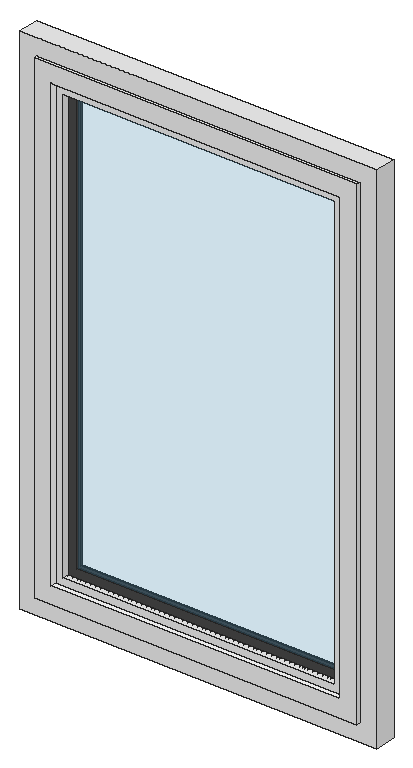
Revit family "Window_System_Solutions-NanaWall-SL-68_Tilt_Turn_Window", category Windows, host Wall, Revit 2013
Parameters (values of type "Tilt Turn Open")
  Width = 36"
  Warranty URL = "http://www.nanawall.com/support/warranty"
  URL = "http://www.nanawall.com"
  Subcategory = "Window"  # constant formula
  Sash = Metal - NanaWall - Aluminum
  Rough Width = Width - 1 25/64"  # 34 39/64"
  Rough Height = Height - 1 25/64"  # 52 39/64"
  Product Page URL = "http://www.nanawall.com/products/sl60/matching-windows"
  Product Documentation Link = "http://www.nanawall.com/cad/configuration/details?id=22&name=SL68&typ=match&cid=455&key=Tilt%20Turn%20Window"
  NanaWall Configurator = "http://www.nanawall.com/content/select-wizard"
  Model = "SL-68 Tilt Turn Window"  # constant formula
  Material = ""
  Manufacturer Toll Free Phone = "(888) 411-NANA(6262)"  # constant formula
  Manufacturer Phone = "(415) 383-3148"  # constant formula
  Manufacturer Fax = "(415) 383-0312"  # constant formula
  Manufacturer Email = "mailto:info@nanawall.com"
  Manufacturer Address = "100 Meadowcreek Drive #250, Corte Madera, CA 94925"  # constant formula
  Manufacturer = "NanaWall Systems, Inc."  # constant formula
  Installation and Service URL = "http://www.nanawall.com/support/installer"
  Height = 54"
  Glazing Options = "http://www.nanawall.com/products/sl48/glazing"
  Glass Material = Glass - NanaWall - Generic
  Filler = Rubber - NanaWall - Black
  Exterior Wall Offset = 3"
  Disclaimer = "Please note that the Revit model is for schematic purposes only.  To obtain a detailed 3D model, please go to the NanaWall's configurator at www.nanawall.com."  # constant formula
  Description = "Monumental Aluminum Framed Matching Windows and Doors"  # constant formula
  Wall Closure = By host
  Default Sill Height = 30"
  Assembly Code = ""
  95 CSI = "8411"  # constant formula
  04 CSI = "08 52 00"  # constant formula
Reference planes (in)
  plane 1 "Center (Front/Back)": y = 0
  plane 2: z = 0
  plane 3 "Center (Left/Right)": x = 0
  plane 4 "Left": x = -18
  plane 5 "Right": x = 18
  plane 6 "Sill": z = 30
  plane 7 "Top": z = 84
  plane 8: y = 1.125
  plane 9: y = 2
  plane 10: x = -15.63346
  plane 11: x = 15.63346
  plane 12: x = -19.88136
  plane 13: x = 19.88136
  plane 14: z = 85.88136
  plane 15: z = 28.11864
Forms (in)
  Sweep 1, solid, material "Metal - NanaWall - Aluminum" <- "Sash"
    path origin (18, 2, 48) x (1, 0, 0) y (0, 0, 1)
      loop
        line (-36, 36) -> (-36, -18) -> (0, -18) -> (0, 36) -> (-36, 36)
    profile "Frame : Frame" origin (0, 2, 84) x (0, 0, 1) y (0, -1, 0)
      loop
        line (1.88136, -1.15625) -> (1.88136, 1.15625) -> (0, 1.15625) -> (0, 1.5482) -> (-1.88136, 1.5482) -> (-2.09315, 1.15625) -> (-2.82203, 1.15625) -> (-2.82203, 0.37235) -> (-2.48128, 0.37235) -> (-2.48128, 0.52913) -> (-2.7554, 0.52913) -> (-2.7554, 1.07786) -> (-2.10333, 1.07786) -> (-2.01933, 0.61781) -> (-2.11654, 0.59176) -> (-2.11654, -0.96028) -> (-2.82203, -0.96028) -> (-2.82203, -1.15625) -> (-1.27383, -1.15625) -> (-1.27383, -0.8035) -> (-1.05826, -0.8035) -> (-1.05826, 0.29396) -> (-0.68591, 0.29396) -> (-0.68591, 1.39142) -> (-0.23517, 1.39142) -> (-0.23517, -0.96028) -> (-0.94068, -0.96028) -> (-0.94068, -1.15625) -> (1.88136, -1.15625)
  Extrusion 2, void
    sketch origin (0, 0, 0) x (1, 0, 0) y (0, 0, 1)
      loop
        line (-19.88136, 85.88136) -> (-19.88136, 28.11864) -> (19.88136, 28.11864) -> (19.88136, 85.88136) -> (-19.88136, 85.88136)
    from -5 to 5
  Sweep 3, solid, material "Rubber - NanaWall - Black" <- "Filler"
    path origin (18, 2, 48) x (1, 0, 0) y (0, 0, 1)
      loop
        line (-36, 36) -> (-36, -18) -> (0, -18) -> (0, 36) -> (-36, 36)
    profile origin (0, 2, 84) x (0, 0, 1) y (0, -1, 0)
      loop
        line (-2.11654, -0.75347) -> (-2.11654, 0.05903) -> (-3.49154, 0.05903) -> (-3.49154, -0.09722) -> (-2.36654, -0.09722) -> (-2.36654, -0.59722) -> (-3.49154, -0.59722) -> (-3.49154, -0.75347) -> (-2.11654, -0.75347)
  Extrusion 4, solid, material "Glass - NanaWall - Generic" <- "Glass Material"
    sketch origin (-18, 0, 0) x (0, -1, 0) y (0, 0, 1)
      loop
        line (-2.59722, 81.63346) -> (-2.59722, 32.36654) -> (-2.09722, 32.36654) -> (-2.09722, 81.63346) -> (-2.59722, 81.63346)
    from -33.63346 to -2.36654
Lines and regions (in)
  Masking region 1
    outline origin (0, 0, 0) x (1, 0, 0) y (0, 1, 0)
      loop
        line (-19.88136, 3.15625) -> (-19.88136, 0.84375) -> (-18, 0.84375) -> (-18, 0.4518) -> (18, 0.4518) -> (18, 0.84375) -> (19.88136, 0.84375) -> (19.88136, 3.15625) -> (-19.88136, 3.15625)
  Masking region 2
    outline origin (0, 0, 0) x (1, 0, 0) y (0, 1, 0)
      loop
        line (-15.88346, 2.75347) -> (-15.88346, 1.94097) -> (15.88346, 1.94097) -> (15.88346, 2.75347) -> (-15.88346, 2.75347)
  Masking region 3, detail levels medium+fine
    outline origin (0, 0, 0) x (1, 0, 0) y (0, 1, 0)
      loop
        line (-15.63346, 2.59722) -> (-15.63346, 2.09722) -> (15.63346, 2.09722) -> (15.63346, 2.59722) -> (-15.63346, 2.59722)
  symbolic lines, detail levels coarse+medium
    curve 1: line (-15.88346, 0.4518, 0) -> (-15.88346, 3.15625, 0)
    curve 2: line (15.88346, 0.4518, 0) -> (15.88346, 3.15625, 0)
  symbolic lines, detail levels fine
    curve 3: line (-15.17797, 0.84375, 0) -> (15.17797, 0.84375, 0)
Text (in)
  text "EXTERIOR" at (-58.6888, 50.90694, 0), in view "Ref. Level"
  text "INTERIOR" at (-58.6888, -37.76638, 0), in view "Ref. Level"
  text "Exterior" at (0, 43.65631, 123.19604), in view "Left"
  text "Exterior" at (0, 18.29385, 125.04747), in view "Right"
Dimensions and locks (in)
  equal spacing: plane 4 "Left", plane 3 "Center (Left/Right)", plane 5 "Right"
  "Width": plane 4 "Left" to plane 5 "Right"
  "Height": plane 6 "Sill" to plane 7 "Top"
  "Default Sill Height": plane 2 to plane 6 "Sill"
  locked: plane 8 to plane 9 at 0.875
  "Exterior Wall Offset": plane 9 to host wall
  Sweep 3 sketch curve to Sweep 3 sketch curve to Sweep 3 sketch curve to Sweep 3 sketch curve to plane 7 "Top" = 0" locked, 1 1/8" locked, 1/4" locked, 2.11654" locked
  Sweep 3 sketch curve to Sweep 3 sketch curve to Sweep 3 sketch curve to nested 3 to Sweep 3 sketch curve = 5/32" locked, 1/2" locked, 0.09722" locked, 0.05903" locked
  locked: plane 6 "Sill" to Extrusion 4 sketch curve at 2.36654
  locked: Extrusion 4 sketch curve to plane 7 "Top" at 2.36654
  Extrusion 4 sketch curve to Extrusion 4 sketch curve to plane 9 = 1/2" locked, 0.09722" locked
  locked: plane 11 to plane 5 "Right" at 2.36654
  locked: plane 4 "Left" to plane 10 at 2.36654
  locked: plane 11 to Masking region 2 sketch curve at 0.25
  locked: Masking region 2 sketch curve to plane 10 at 0.25
  Masking region 2 sketch curve to plane 9 to Masking region 2 sketch curve = 0.05903" locked, 0.75347" locked
  plane 9 to Masking region 3 sketch curve to Masking region 3 sketch curve = 0.09722" locked, 1/2" locked
  locked: plane 5 "Right" to Masking region 1 sketch curve at 1.88136
  Masking region 1 sketch curve to Masking region 1 sketch curve to plane 9 to Masking region 1 sketch curve = 0.39195" locked, 1 5/32" locked, 1 5/32" locked
  locked: Masking region 1 sketch curve to plane 9 at 1.15625
  locked: Masking region 1 sketch curve to plane 4 "Left" at 1.88136
  locked: plane 12 to plane 4 "Left" at 1.88136
  locked: plane 5 "Right" to plane 13 at 1.88136
  locked: plane 7 "Top" to plane 14 at 1.88136
  locked: plane 15 to plane 6 "Sill" at 1.88136
  aligned and locked: level to plane 2
  aligned and locked: plane 7 "Top" to Sweep 1 sketch curve
  aligned and locked: plane 5 "Right" to Sweep 1 sketch curve
  aligned and locked: Sweep 1 sketch curve to plane 4 "Left"
  aligned and locked: Sweep 1 sketch curve to plane 6 "Sill"
  aligned and locked: host wall to Extrusion 2  (x2)
  aligned and locked: plane 7 "Top" to Sweep 3 sketch curve
  aligned and locked: Sweep 3 sketch curve to plane 4 "Left"
  aligned and locked: plane 10 to Extrusion 4
  aligned and locked: plane 11 to Extrusion 4
  aligned and locked: plane 7 "Top" to nested 3
  aligned and locked: nested 2 to plane 9
  aligned and locked: plane 4 "Left" to nested 2
  aligned and locked: plane 5 "Right" to nested 1
  aligned and locked: plane 9 to nested 1
  aligned and locked: plane 9 to nested 3
  aligned and locked: nested 4 to plane 9
  aligned and locked: plane 6 "Sill" to nested 4
  aligned and locked: Sweep 3 to plane 10
  aligned and locked: Sweep 3 to plane 11
  aligned and locked: Masking region 1 sketch curve to plane 5 "Right"
  aligned and locked: plane 4 "Left" to Masking region 1 sketch curve
  aligned and locked: Masking region 3 sketch curve to Sweep 3  (x2)
  aligned and locked: Sweep 1 to curve 1
  aligned and locked: Sweep 1 to curve 2
  aligned and locked: plane 5 "Right" to Sweep 3 sketch curve
  aligned and locked: Sweep 3 sketch curve to plane 6 "Sill"
  aligned and locked: plane 14 to Extrusion 2 sketch curve
  aligned and locked: plane 12 to Extrusion 2 sketch curve
  aligned and locked: Extrusion 2 sketch curve to plane 15
  aligned and locked: Extrusion 2 sketch curve to plane 13
Automatic sketch dimensions
  plane 10 to curve 1 = 1/4"
  curve 3 to plane 10 = 0.45549"
  curve 3 to plane 11 = 0.45549"
  plane 11 to curve 2 = 1/4"
  plane 8 to curve 3 = 9/32"
  curve 2 to plane 9 = 1 5/32"
  curve 1 to plane 9 = 1 5/32"
Nested families (in)
  nested 1: "SL 68 Tilt Turn Detail" at (18, 2, 0) x (0, -1, 0) z (0, 0, 1), type "SL 68 Tilt Turn Detail", detail levels fine
  nested 2: "SL 68 Tilt Turn Detail" at (-18, 2, 0) x (0, -1, 0) z (0, 0, 1), type "SL 68 Tilt Turn Detail", detail levels fine
  nested 3: "SL 68 Tilt Turn Detail" at (-18, 2, 84) x (0, -1, 0) z (-1, 0, 0), type "SL 68 Tilt Turn Detail", detail levels fine
  nested 4: "SL 68 Tilt Turn Detail" at (-18, 2, 30) x (0, -1, 0) z (-1, 0, 0), type "SL 68 Tilt Turn Detail", detail levels fine
Definition of nested family "SL 68 Tilt Turn Detail"
  Reference planes (in)
    plane 1 "Center (Front/Back)": y = 0
    plane 2: z = 0
    plane 3 "Center (Left/Right)": x = 0
  Lines and regions (in)
    detail lines, in view "Ref. Level"
      curve 1: line (-1.15625, 1.88136, 0) -> (-1.01522, 1.88136, 0)
      curve 2: line (-0.99947, 1.82256, 0) -> (-1.07786, 1.82256, 0)
      curve 3: line (-1.01522, 1.88136, 0) -> (-0.99947, 1.82256, 0)
      curve 4: line (-1.07786, 1.82256, 0) -> (-1.07786, 1.68538, 0)
      curve 5: line (-1.07786, 1.68538, 0) -> (-0.52913, 1.68538, 0)
      curve 6: line (-0.52913, 1.68538, 0) -> (-0.52913, 1.82256, 0)
      curve 7: line (-0.52913, 1.82256, 0) -> (-0.60752, 1.82256, 0)
      curve 8: line (-0.60752, 1.82256, 0) -> (-0.59177, 1.88136, 0)
      curve 9: line (-0.59177, 1.88136, 0) -> (-0.48994, 1.88136, 0)
      curve 10: arc (-0.48994, 1.88136, 0) -> (-0.47241, 1.87052, 0) -> (-0.47426, 1.85, 0) r 0.0196
      curve 11: line (-0.47426, 1.85, 0) -> (0.47426, 1.85, 0)
      curve 12: arc (0.47034, 1.86176, 0) -> (0.47608, 1.87562, 0) -> (0.48994, 1.88136, 0) r 0.0196
      curve 13: arc (0.47426, 1.85, 0) -> (0.47241, 1.87052, 0) -> (0.48994, 1.88136, 0) r 0.0196
      curve 14: line (0.48994, 1.88136, 0) -> (0.59177, 1.88136, 0)
      curve 15: line (0.59177, 1.88136, 0) -> (0.60752, 1.82256, 0)
      curve 16: line (0.60752, 1.82256, 0) -> (0.52913, 1.82256, 0)
      curve 17: line (0.52913, 1.82256, 0) -> (0.52913, 1.68538, 0)
      curve 18: line (0.52913, 1.68538, 0) -> (1.07786, 1.68538, 0)
      curve 19: line (1.07786, 1.68538, 0) -> (1.07786, 1.82256, 0)
      curve 20: line (1.07786, 1.82256, 0) -> (0.99947, 1.82256, 0)
      curve 21: line (0.99947, 1.82256, 0) -> (1.01522, 1.88136, 0)
      curve 22: line (1.01522, 1.88136, 0) -> (1.15625, 1.88136, 0)
      curve 23: line (1.15625, 1.88136, 0) -> (1.15625, -0.23517, 0)
      curve 24: line (1.15625, -0.23517, 0) -> (1.01522, -0.23517, 0)
      curve 25: line (1.01522, -0.23517, 0) -> (0.99947, -0.17638, 0)
      curve 26: line (0.99947, -0.17638, 0) -> (1.07786, -0.17638, 0)
      curve 27: line (1.07786, -0.17638, 0) -> (1.07786, -0.03919, 0)
      curve 28: line (1.07786, -0.03919, 0) -> (0.52913, -0.03919, 0)
      curve 29: line (0.52913, -0.03919, 0) -> (0.52913, -0.17638, 0)
      curve 30: line (0.52913, -0.17638, 0) -> (0.60752, -0.17638, 0)
      curve 31: line (0.60752, -0.17638, 0) -> (0.59177, -0.23517, 0)
      curve 32: line (0.59177, -0.23517, 0) -> (0.29396, -0.23517, 0)
      curve 33: line (0.29396, -0.23517, 0) -> (0.29396, -0.03919, 0)
      curve 34: line (0.29396, -0.03919, 0) -> (0.0294, -0.03919, 0)
      curve 35: line (0.0294, -0.03919, 0) -> (0.0294, -0.23811, 0)
      curve 36: line (0.0294, -0.23811, 0) -> (-0.08819, -0.23811, 0)
      curve 37: line (-0.08819, -0.23811, 0) -> (-0.08819, -0.17932, 0)
      curve 38: line (-0.08819, -0.17932, 0) -> (-0.0294, -0.17932, 0)
      curve 39: line (-0.0294, -0.17932, 0) -> (-0.0294, -0.04213, 0)
      curve 40: line (-0.0294, -0.04213, 0) -> (-0.32336, -0.04213, 0)
      curve 41: line (-0.32336, -0.04213, 0) -> (-0.32336, -0.17932, 0)
      curve 42: line (-0.32336, -0.17932, 0) -> (-0.26457, -0.17932, 0)
      curve 43: line (-0.26457, -0.17932, 0) -> (-0.26457, -0.23811, 0)
      curve 44: line (-0.26457, -0.23811, 0) -> (-0.38215, -0.23811, 0)
      curve 45: line (-0.38215, -0.23811, 0) -> (-0.38215, -0.03919, 0)
      curve 46: line (-0.38215, -0.03919, 0) -> (-0.72511, -0.03919, 0)
      curve 47: line (-0.72511, -0.03919, 0) -> (-0.72511, 0.19989, 0)
      curve 48: line (-0.72511, 0.19989, 0) -> (-1.07786, 0.19989, 0)
      curve 49: line (-1.07786, 0.19989, 0) -> (-1.07786, -0.15678, 0)
      curve 50: line (-1.07786, -0.15678, 0) -> (-0.97987, -0.17638, 0)
      curve 51: line (-0.97987, -0.17638, 0) -> (-0.86229, -0.17638, 0)
      curve 52: line (-0.86229, -0.17638, 0) -> (-0.86229, -0.23517, 0)
      curve 53: line (-1.07786, -0.23517, 0) -> (-1.07786, -0.58008, 0)
      curve 54: line (-0.86229, -0.23517, 0) -> (-1.07786, -0.23517, 0)
      curve 55: line (-1.15625, -0.94068, 0) -> (-1.15625, 1.88136, 0)
      curve 56: line (-1.07786, -0.58008, 0) -> (-0.99163, -0.58008, 0)
      curve 57: line (-0.99163, -0.58008, 0) -> (-0.99163, -0.50169, 0)
      curve 58: line (-0.99163, -0.50169, 0) -> (-0.96028, -0.50169, 0)
      curve 59: line (-0.96028, -0.50169, 0) -> (-0.96028, -0.68591, 0)
      curve 60: line (-0.99947, -0.68591, 0) -> (-0.99947, -0.63888, 0)
      curve 61: line (-0.96028, -0.68591, 0) -> (-0.99947, -0.68591, 0)
      curve 62: line (-0.99947, -0.63888, 0) -> (-1.07786, -0.63888, 0)
      curve 63: line (-1.07786, -0.63888, 0) -> (-1.07786, -0.88972, 0)
      curve 64: line (-1.07786, -0.88972, 0) -> (-0.99947, -0.88972, 0)
      curve 65: line (-0.99947, -0.88972, 0) -> (-0.99947, -0.84269, 0)
      curve 66: line (-0.99947, -0.84269, 0) -> (-0.96028, -0.84269, 0)
      curve 67: line (-0.96028, -0.84269, 0) -> (-0.96028, -0.94068, 0)
      curve 68: line (-0.96028, -0.94068, 0) -> (-1.15625, -0.94068, 0)
      curve 69: line (-0.72511, 0.27044, 0) -> (-0.72511, 1.14953, 0)
      curve 70: line (-0.72511, 1.14953, 0) -> (-0.54873, 1.3259, 0)
      curve 71: line (-0.54873, 1.3259, 0) -> (-0.54873, 1.61483, 0)
      curve 72: line (-1.07786, 1.61483, 0) -> (-1.07786, 0.27044, 0)
      curve 73: line (-0.54873, 1.61483, 0) -> (-1.07786, 1.61483, 0)
      curve 74: line (-1.07786, 0.27044, 0) -> (-0.72511, 0.27044, 0)
      curve 75: line (1.07786, 1.61483, 0) -> (0.54873, 1.61483, 0)
      curve 76: line (0.54873, 1.61483, 0) -> (0.54873, 0.99836, 0)
      curve 77: line (0.54873, 0.99836, 0) -> (0.58008, 0.99836, 0)
      curve 78: line (0.58008, 0.99836, 0) -> (0.58008, 0.90037, 0)
      curve 79: line (0.58008, 0.90037, 0) -> (0.37235, 0.69264, 0)
      curve 80: line (0.37235, 0.69264, 0) -> (0.37235, -0.16462, 0)
      curve 81: line (0.45858, 0.03136, 0) -> (1.07786, 0.03136, 0)
      curve 82: line (0.45858, -0.16462, 0) -> (0.45858, 0.03136, 0)
      curve 83: line (0.37235, -0.16462, 0) -> (0.45858, -0.16462, 0)
      curve 84: line (1.07786, 0.03136, 0) -> (1.07786, 1.61483, 0)
      curve 85: line (0.47034, 0.90148, 0) -> (0.47034, 1.49898, 0)
      curve 86: line (0.47034, 1.49898, 0) -> (0.35393, 1.56619, 0)
      curve 87: line (0.35393, 1.56619, 0) -> (0.22911, 1.78239, 0)
      curve 88: line (0.22911, 1.78239, 0) -> (-0.22911, 1.78239, 0)
      curve 89: line (-0.22911, 1.78239, 0) -> (-0.35393, 1.56619, 0)
      curve 90: line (-0.35393, 1.56619, 0) -> (-0.47034, 1.49898, 0)
      curve 91: line (-0.47034, 1.49898, 0) -> (-0.47034, 1.29343, 0)
      curve 92: line (-0.47034, 1.29343, 0) -> (-0.64672, 1.11706, 0)
      curve 93: line (-0.64672, 1.11706, 0) -> (-0.64672, 0.31183, 0)
      curve 94: line (-0.64672, 0.31183, 0) -> (-0.53031, 0.24462, 0)
      curve 95: line (-0.53031, 0.24462, 0) -> (-0.40548, 0.02842, 0)
      curve 96: line (-0.40548, 0.02842, 0) -> (-0.23125, 0.02842, 0)
      curve 97: line (-0.1215, 0.02842, 0) -> (0.05273, 0.02842, 0)
      curve 98: line (0.05273, 0.02842, 0) -> (0.17755, 0.24462, 0)
      curve 99: line (0.17755, 0.24462, 0) -> (0.29396, 0.31183, 0)
      curve 100: line (0.29396, 0.31183, 0) -> (0.29396, 0.72511, 0)
      curve 101: line (0.29396, 0.72511, 0) -> (0.47034, 0.90148, 0)
      curve 102: line (-0.1215, 0.1264, 0) -> (-0.1215, 0.02842, 0)
      curve 103: line (-0.23125, 0.02842, 0) -> (-0.23125, 0.1264, 0)
      curve 104: line (-0.23125, 0.1264, 0) -> (-0.1215, 0.1264, 0)
      curve 105: line (1.5482, 0, 0) -> (1.39142, 0, 0)
      curve 106: line (1.39142, 0, 0) -> (1.39142, -0.08623, 0)
      curve 107: line (1.39142, -0.08623, 0) -> (1.43061, -0.08623, 0)
      curve 108: line (1.43061, -0.08623, 0) -> (1.43061, -0.04703, 0)
      curve 109: line (1.43061, -0.04703, 0) -> (1.48941, -0.04703, 0)
      curve 110: line (1.48941, -0.04703, 0) -> (1.48941, -0.25477, 0)
      curve 111: line (1.5482, -1.88136, 0) -> (1.5482, 0, 0)
      curve 112: line (1.39142, -0.29396, 0) -> (1.47765, -0.29396, 0)
      curve 113: line (1.48941, -0.25477, 0) -> (1.43061, -0.25477, 0)
      curve 114: line (1.43061, -0.25477, 0) -> (1.43061, -0.20773, 0)
      curve 115: line (1.43061, -0.20773, 0) -> (1.39142, -0.20773, 0)
      curve 116: line (1.39142, -0.20773, 0) -> (1.39142, -0.29396, 0)
      curve 117: line (1.47765, -0.29396, 0) -> (1.47765, -0.86229, 0)
      curve 118: line (1.47765, -0.86229, 0) -> (1.2268, -0.86229, 0)
      curve 119: line (1.2268, -0.86229, 0) -> (1.2268, -0.68591, 0)
      curve 120: line (1.2268, -0.68591, 0) -> (1.05826, -0.68591, 0)
      curve 121: line (1.05826, -0.68591, 0) -> (1.05826, -0.7447, 0)
      curve 122: line (1.05826, -0.7447, 0) -> (1.15625, -0.7447, 0)
      curve 123: line (1.15625, -0.7447, 0) -> (1.15625, -0.86229, 0)
      curve 124: line (1.15625, -0.86229, 0) -> (0.37235, -0.86229, 0)
      curve 125: line (0.37235, -0.86229, 0) -> (0.37235, -0.7447, 0)
      curve 126: line (0.37235, -0.7447, 0) -> (0.47034, -0.7447, 0)
      curve 127: line (0.47034, -0.7447, 0) -> (0.47034, -0.68591, 0)
      curve 128: line (0.47034, -0.68591, 0) -> (0.29396, -0.68591, 0)
      curve 129: line (0.29396, -1.05826, 0) -> (0.29396, -0.68591, 0)
      curve 130: line (-0.341, -1.05826, 0) -> (0.29396, -1.05826, 0)
      curve 131: line (-0.341, -1.05826, 0) -> (-0.341, -0.78488, 0)
      curve 132: arc (-0.341, -0.78488, 0) -> (-0.37627, -0.7496, 0) -> (-0.41155, -0.78488, 0) r 0.03528
      curve 133: line (-0.41155, -0.78488, 0) -> (-0.41155, -1.05826, 0)
      curve 134: line (0.05273, -1.13371, 0) -> (0.17076, -1.33816, 0)
      curve 135: line (-0.46124, -1.13371, 0) -> (0.05273, -1.13371, 0)
      curve 136: line (0.29396, -1.40928, 0) -> (0.17076, -1.33816, 0)
      curve 137: line (0.29396, -1.6697, 0) -> (0.29396, -1.40928, 0)
      curve 138: line (0.45074, -1.6697, 0) -> (0.29396, -1.6697, 0)
      curve 139: line (0.45074, -1.7655, 0) -> (0.45074, -1.6697, 0)
      curve 140: line (0.33433, -1.83271, 0) -> (0.45074, -1.7655, 0)
      curve 141: line (0.20951, -2.04891, 0) -> (0.33433, -1.83271, 0)
      curve 142: line (-0.32709, -2.04891, 0) -> (0.20951, -2.04891, 0)
      curve 143: line (-0.45192, -1.83271, 0) -> (-0.32709, -2.04891, 0)
      curve 144: line (-0.45192, -1.83271, 0) -> (-0.56833, -1.7655, 0)
      curve 145: line (-0.56833, -1.7655, 0) -> (-0.56833, -1.64619, 0)
      curve 146: line (-0.56833, -1.64619, 0) -> (-0.72511, -1.64619, 0)
      curve 147: line (-0.72511, -1.64619, 0) -> (-0.72511, -1.40928, 0)
      curve 148: line (-0.72511, -1.40928, 0) -> (-0.62712, -1.35271, 0)
      curve 149: line (-0.8035, -1.05826, 0) -> (-0.8035, -1.39534, 0)
      curve 150: line (-0.8035, -1.39534, 0) -> (-1.11706, -1.39534, 0)
      curve 151: line (-1.11706, -1.39534, 0) -> (-1.11706, -1.27383, 0)
      curve 152: line (-1.11706, -1.27383, 0) -> (-1.15625, -1.27383, 0)
      curve 153: line (-1.15625, -1.27383, 0) -> (-1.15625, -2.82203, 0)
      curve 154: line (-1.15625, -2.82203, 0) -> (-0.96028, -2.82203, 0)
      curve 155: line (-0.96028, -2.82203, 0) -> (-0.96028, -2.72405, 0)
      curve 156: line (-0.96028, -2.72405, 0) -> (-0.99947, -2.72405, 0)
      curve 157: line (-0.99947, -2.72405, 0) -> (-0.99947, -2.77108, 0)
      curve 158: line (-0.99947, -2.77108, 0) -> (-1.07786, -2.77108, 0)
      curve 159: line (-1.07786, -2.77108, 0) -> (-1.07786, -2.52023, 0)
      curve 160: line (-1.07786, -2.52023, 0) -> (-0.99947, -2.52023, 0)
      curve 161: line (-0.99947, -2.52023, 0) -> (-0.99947, -2.56727, 0)
      curve 162: line (-0.99947, -2.56727, 0) -> (-0.96028, -2.56727, 0)
      curve 163: line (-0.96028, -2.56727, 0) -> (-0.96028, -2.38305, 0)
      curve 164: line (-0.96028, -2.38305, 0) -> (-0.99163, -2.38305, 0)
      curve 165: line (-0.99163, -2.38305, 0) -> (-0.99163, -2.46144, 0)
      curve 166: line (-0.99163, -2.46144, 0) -> (-1.07786, -2.46144, 0)
      curve 167: line (-1.07786, -2.46144, 0) -> (-1.07786, -2.11653, 0)
      curve 168: line (-1.07786, -2.11653, 0) -> (-0.86229, -2.11653, 0)
      curve 169: line (-0.86229, -2.11653, 0) -> (-0.86229, -2.05773, 0)
      curve 170: line (-0.86229, -2.05773, 0) -> (-0.97987, -2.05773, 0)
      curve 171: line (-0.97987, -2.05773, 0) -> (-1.07786, -2.03814, 0)
      curve 172: line (-1.07786, -2.03814, 0) -> (-1.07786, -1.94015, 0)
      curve 173: line (-1.07786, -1.94015, 0) -> (-0.77487, -1.94015, 0)
      curve 174: line (-0.64672, -1.94015, 0) -> (-0.64672, -2.11654, 0)
      curve 175: line (-0.64672, -1.8696, 0) -> (-1.07786, -1.8696, 0)
      curve 176: line (-0.64672, -1.72458, 0) -> (-0.64672, -1.8696, 0)
      curve 177: line (-0.8035, -1.72458, 0) -> (-0.64672, -1.72458, 0)
      curve 178: line (-0.8035, -1.46589, 0) -> (-0.8035, -1.72458, 0)
      curve 179: line (-1.07786, -1.46589, 0) -> (-0.8035, -1.46589, 0)
      curve 180: line (-1.07786, -1.8696, 0) -> (-1.07786, -1.46589, 0)
      curve 181: line (-1.07786, -1.94015, 0) -> (-0.64672, -1.94015, 0)
      curve 182: line (0.59176, -2.11654, 0) -> (-0.64672, -2.11654, 0)
      curve 183: line (1.14841, -1.85, 0) -> (0.52913, -1.85, 0)
      curve 184: line (0.52913, -1.85, 0) -> (0.52913, -1.59131, 0)
      curve 185: line (0.52913, -1.59131, 0) -> (0.37235, -1.59131, 0)
      curve 186: line (0.37235, -1.59131, 0) -> (0.37235, -0.93284, 0)
      curve 187: line (0.37235, -0.93284, 0) -> (1.46981, -0.93284, 0)
      curve 188: line (1.46981, -0.93284, 0) -> (1.46981, -1.49333, 0)
      curve 189: line (1.42669, -1.49333, 0) -> (1.42669, -1.59131, 0)
      curve 190: line (1.46981, -1.49333, 0) -> (1.42669, -1.49333, 0)
      curve 191: line (1.42669, -1.59131, 0) -> (1.30911, -1.59131, 0)
      curve 192: line (1.3679, -1.65011, 0) -> (1.46981, -1.65011, 0)
      curve 193: line (1.46981, -1.65011, 0) -> (1.46981, -1.83461, 0)
      curve 194: line (1.46981, -1.83461, 0) -> (1.14841, -2.00829, 0)
      curve 195: line (1.14841, -2.00829, 0) -> (1.14841, -1.85, 0)
      curve 196: line (1.07786, -1.92055, 0) -> (1.07786, -2.04755, 0)
      curve 197: line (0.52913, -1.92055, 0) -> (1.07786, -1.92055, 0)
      curve 198: line (0.52913, -1.92055, 0) -> (0.52913, -2.05391, 0)
      curve 199: line (0.59176, -2.11654, 0) -> (0.61781, -2.01933, 0)
      curve 200: line (1.15625, -2.09315, 0) -> (1.5482, -1.88136, 0)
      curve 201: line (1.15625, -2.09315, 0) -> (1.15625, -2.82203, 0)
      curve 202: line (1.15625, -2.82203, 0) -> (0.37235, -2.82203, 0)
      curve 203: line (0.37235, -2.82203, 0) -> (0.37235, -2.72405, 0)
      curve 204: line (0.41155, -2.72405, 0) -> (0.37235, -2.72405, 0)
      curve 205: line (0.41155, -2.72405, 0) -> (0.41155, -2.76324, 0)
      curve 206: line (0.41155, -2.76324, 0) -> (0.48994, -2.76324, 0)
      curve 207: line (0.48994, -2.76324, 0) -> (0.48994, -2.52807, 0)
      curve 208: line (0.48994, -2.52807, 0) -> (0.41155, -2.52807, 0)
      curve 209: line (0.41155, -2.52807, 0) -> (0.41155, -2.56727, 0)
      curve 210: line (0.41155, -2.56727, 0) -> (0.37235, -2.56727, 0)
      curve 211: line (0.37235, -2.56727, 0) -> (0.37235, -2.48128, 0)
      curve 212: line (0.37235, -2.48128, 0) -> (0.52913, -2.48128, 0)
      curve 213: line (0.52913, -2.48128, 0) -> (0.52913, -2.7554, 0)
      curve 214: line (0.52913, -2.7554, 0) -> (1.07786, -2.7554, 0)
      curve 215: line (1.07786, -2.7554, 0) -> (1.07786, -2.20667, 0)
      curve 216: line (0.61781, -2.01933, 0) -> (0.90194, -2.07121, 0)
      curve 217: line (1.07786, -2.04755, 0) -> (0.55635, -1.95232, 0)
      curve 218: arc (0.90194, -2.07121, 0) -> (0.90173, -2.16148, 0) -> (0.97987, -2.20667, 0) r 0.09015
      curve 219: line (-0.46124, -1.13371, 0) -> (-0.62712, -1.35271, 0)
      curve 220: line (0.97987, -2.20667, 0) -> (1.07786, -2.20667, 0)
      curve 221: line (0.52913, -2.05391, 0) -> (0.55635, -1.95232, 0)
      curve 222: line (-0.41155, -1.05826, 0) -> (-0.8035, -1.05826, 0)
      curve 223: line (1.3679, -1.65011, 0) -> (1.30911, -1.59131, 0)
